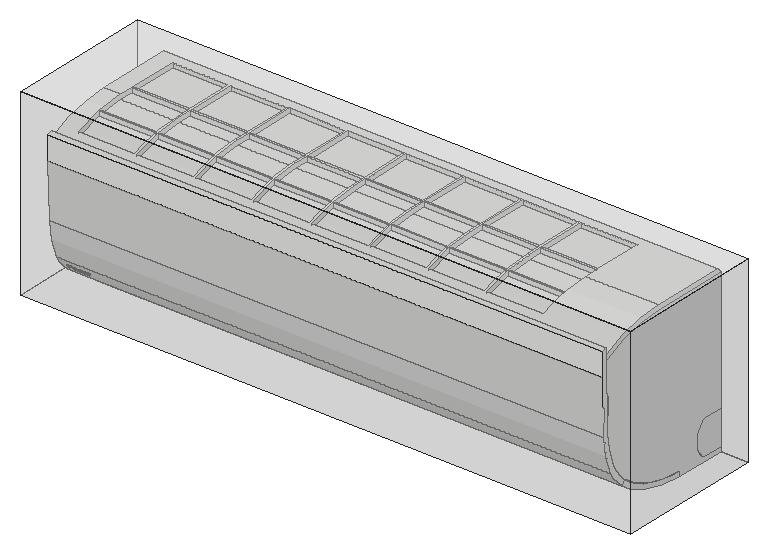
Revit family "outputfile", category 機械設備, Revit 2024
Family settings
  丸型コネクタ寸法 = 半径を使用
  パーツ タイプ = 標準
  OmniClass 番号 = 23.75.10.24.21.27.27
  OmniClass タイトル = Split System Air Conditioning Units
  作業面ベース = いいえ
  常に垂直 = はい
  ロード時にボイドで切り取り = いいえ
  注釈の向きを維持 = いいえ
  共有 = いいえ
  部屋計算ポイント = いいえ
Parameters (values of type "FTXF60W2VMA")
  Description = ""
  書き出し IFC クラス(タイプ) = "IfcUnitaryEquipmentType"
  定義済み IFC タイプ(タイプ) = "AIRCONDITIONINGUNIT"
  Cost = 0
  Type Comments = ""
  Keynote = ""
  Type Image = (empty or 0)
  Assembly Code = ""
  w_wall hole = if(Width = 770.0 mm, 48.0 mm, 60.0 mm)  # 60.0 mm
  製造元 = "Daikin"
  モデル = "FTXF60W2VMA"
  switch_frequency = yes
  r_Liquid Pipe Size = Liquid Pipe Size / 2  # 3.2 mm
  r_Gas Pipe Size = Gas Pipe Size / 2  # 6.35 mm
  r_Drain Pipe Size = Drain Pipe Size / 2  # 8.0 mm
  lw_powersupply [instance] = if(Width = 770.0 mm, if(or(Rear Right Connection_refrigerant, Bottom Right Connection_refrigerant), 25.0 mm, if(or(Rear Left Connection_refrigerant, Bottom Left Connection_refrigerant), 745.0 mm, 400.0 mm)), if(Width = 990.0 mm, if(or(Rear Right Connection_refrigerant, Bottom Right Connection_refrigerant), 40.0 mm, if(or(Rear Left Connection_refrigerant, Bottom Left Connection_refrigerant), 920.0 mm, 400.0 mm)), if(or(Rear Right Connection_refrigerant, Bottom Right Connection_refrigerant), 40.0 mm, if(or(Rear Left Connection_refrigerant, Bottom Left Connection_refrigerant), 920.0 mm, 400.0 mm))))  # 400.0 mm
  lw_liquidpipe [instance] = if(Width = 770.0 mm, if(or(Rear Right Connection_refrigerant, Bottom Right Connection_refrigerant), 0.0 mm, if(or(Rear Left Connection_refrigerant, Bottom Left Connection_refrigerant), 664.0 mm, 385.0 mm)), if(Width = 990.0 mm, if(or(Rear Right Connection_refrigerant, Bottom Right Connection_refrigerant), 0.0 mm, if(or(Rear Left Connection_refrigerant, Bottom Left Connection_refrigerant), 664.0 mm + (990.0 mm - 770.0 mm), 475.0 mm)), if(or(Rear Right Connection_refrigerant, Bottom Right Connection_refrigerant), 0.0 mm, if(or(Rear Left Connection_refrigerant, Bottom Left Connection_refrigerant), 664.0 mm + (990.0 mm - 770.0 mm), 475.0 mm))))  # 475.0 mm
  lw_gaspipe [instance] = if(Width = 770.0 mm, if(or(Rear Right Connection_refrigerant, Bottom Right Connection_refrigerant), 0.0 mm, if(or(Rear Left Connection_refrigerant, Bottom Left Connection_refrigerant), 675.0 mm, if(Gas Pipe Size = 12.7 mm, 335.0 mm, 335.0 mm))), if(Width = 990.0 mm, if(or(Rear Right Connection_refrigerant, Bottom Right Connection_refrigerant), 10.0 mm, if(or(Rear Left Connection_refrigerant, Bottom Left Connection_refrigerant), 890.0 mm, if(Gas Pipe Size = 15.9 mm, 400.0 mm, 400.0 mm))), if(or(Rear Right Connection_refrigerant, Bottom Right Connection_refrigerant), 10.0 mm, if(or(Rear Left Connection_refrigerant, Bottom Left Connection_refrigerant), 890.0 mm, if(Gas Pipe Size = 15.9 mm, 400.0 mm, 400.0 mm)))))  # 400.0 mm
  lw_drainpipe [instance] = if(Width = 770.0 mm, if(or(Rear Right Connection_refrigerant, Bottom Right Connection_refrigerant), 0.0 mm, if(or(Rear Left Connection_refrigerant, Bottom Left Connection_refrigerant), 770.0 mm - 48.0 mm - 48.0 mm, 440.0 mm)), if(Width = 990.0 mm, if(or(Rear Right Connection_refrigerant, Bottom Right Connection_refrigerant), 0.0 mm, if(or(Rear Left Connection_refrigerant, Bottom Left Connection_refrigerant), 675.0 mm + (990.0 mm - 770.0 mm), 435.0 mm)), if(or(Rear Right Connection_refrigerant, Bottom Right Connection_refrigerant), 0.0 mm, if(or(Rear Left Connection_refrigerant, Bottom Left Connection_refrigerant), 675.0 mm + (990.0 mm - 770.0 mm), 435.0 mm))))  # 435.0 mm
  l_powersupply_length [instance] = if(Width = 770.0 mm, if(Right Connection_refrigerant, 400.0 mm, if(Left Connection_refrigerant, 770.0 mm - 400.0 mm, if(or(Rear Left Connection_refrigerant, Rear Right Connection_refrigerant), 15.0 mm, 50.0 mm))), if(Width = 990.0 mm, if(Right Connection_refrigerant, 400.0 mm, if(Left Connection_refrigerant, 990.0 mm - 400.0 mm, if(or(Rear Left Connection_refrigerant, Rear Right Connection_refrigerant), 15.0 mm, 50.0 mm))), if(Right Connection_refrigerant, 400.0 mm, if(Left Connection_refrigerant, 990.0 mm - 400.0 mm, if(or(Rear Left Connection_refrigerant, Rear Right Connection_refrigerant), 15.0 mm, 50.0 mm)))))  # 400.0 mm
  l_liquidpipe_length [instance] = if(Width = 770.0 mm, if(Right Connection_refrigerant, 433.0 mm, if(Left Connection_refrigerant, 337.0 mm, if(or(Rear Left Connection_refrigerant, Rear Right Connection_refrigerant), 30.0 mm, 40.0 mm))), if(Width = 990.0 mm, if(Right Connection_refrigerant, 535.0 mm, if(Left Connection_refrigerant, 455.0 mm, if(or(Rear Left Connection_refrigerant, Rear Right Connection_refrigerant), 30.0 mm, 40.0 mm))), if(Right Connection_refrigerant, 535.0 mm, if(Left Connection_refrigerant, 455.0 mm, if(or(Rear Left Connection_refrigerant, Rear Right Connection_refrigerant), 30.0 mm, 40.0 mm)))))  # 535.0 mm
  l_gaspipe_length [instance] = if(Width = 770.0 mm, if(Right Connection_refrigerant, if(Gas Pipe Size = 12.7 mm, 383.0 mm, 383.0 mm), if(Left Connection_refrigerant, if(Gas Pipe Size = 12.7 mm, 770.0 mm - 383.0 mm, 770.0 mm - 383.0 mm), if(or(Rear Left Connection_refrigerant, Rear Right Connection_refrigerant), 40.0 mm, 50.0 mm))), if(Width = 990.0 mm, if(Right Connection_refrigerant, if(Gas Pipe Size = 15.9 mm, 460.0 mm, 460.0 mm), if(Left Connection_refrigerant, if(Gas Pipe Size = 15.9 mm, 990.0 mm - 460.0 mm, 990.0 mm - 460.0 mm), if(or(Rear Left Connection_refrigerant, Rear Right Connection_refrigerant), 40.0 mm, 50.0 mm))), if(Right Connection_refrigerant, if(Gas Pipe Size = 15.9 mm, 460.0 mm, 460.0 mm), if(Left Connection_refrigerant, if(Gas Pipe Size = 15.9 mm, 990.0 mm - 460.0 mm, 990.0 mm - 460.0 mm), if(or(Rear Left Connection_refrigerant, Rear Right Connection_refrigerant), 40.0 mm, 50.0 mm)))))  # 460.0 mm
  l_drainpipe_length [instance] = if(Width = 770.0 mm, if(Right Connection_refrigerant, 488.0 mm, if(Left Connection_refrigerant, 282.0 mm, if(or(Rear Left Connection_refrigerant, Rear Right Connection_refrigerant), 15.0 mm, 20.0 mm))), if(Width = 990.0 mm, if(Right Connection_refrigerant, 495.0 mm, if(Left Connection_refrigerant, 495.0 mm, if(or(Rear Left Connection_refrigerant, Rear Right Connection_refrigerant), 15.0 mm, 20.0 mm))), if(Right Connection_refrigerant, 495.0 mm, if(Left Connection_refrigerant, 495.0 mm, if(or(Rear Left Connection_refrigerant, Rear Right Connection_refrigerant), 15.0 mm, 20.0 mm)))))  # 495.0 mm
  h*** = 0.0 mm  # constant formula
  connector_voltage = Voltage_50Hz  # 230 V
  connector_powerinput = if([Power Input (Cooling)] > [Power Input (Heating)], [Power Input (Cooling)], [Power Input (Heating)])  # 0.000 kW
  connector_phase = Phase_50Hz  # 1
  angle_vertical [instance] = if(or(Bottom Left Connection_refrigerant, Bottom Right Connection_refrigerant), 0.00°, 90.00°)  # 90.00°
  angle_horizontal [instance] = if(Right Connection_refrigerant, 90.00°, if(Left Connection_refrigerant, -90.00°, if(or(Rear Left Connection_refrigerant, Rear Right Connection_refrigerant), 180.00°, 0.00°)))  # 90.00°
  Width = 990.0 mm
  Voltage_comment_50Hz = "220 - 240"
  Voltage_50Hz = 230 V
  Version = "ver.1.0"
  Unit Type = "Wall Mounted"
  Unit Mass Weight = 12.00 kg
  Unit Designation [instance] = ""
  Uniclass2015Version = "Products v1.30"
  Uniclass2015Title = "Split coil room air conditioning units"
  Uniclass2015Code = "Pr_70_65_03_86"
  URL = ""
  Total Heating Capacity [instance] = 0.000 kW
  Total Cooling Capacity [instance] = 0.000 kW
  Sound Pressure Level_M speed (dBA) = 41
  Sound Pressure Level_L speed (dBA) = 35
  Sound Pressure Level_H speed (dBA) = 46
  Sound Power Level_H speed (dB) = 0
  Series = "Single Split_Fan Coil Unit"
  Sensible Cooling Capacity [instance] = 0.000 kW
  Refrigerant Type = "R32"
  Power Input (Heating) = 0.000 kW
  Power Input (Cooling) = 0.000 kW
  Phase_50Hz = 1
  Option Accessory 3 [instance] = ""
  Option Accessory 2 [instance] = ""
  Option Accessory 1 [instance] = ""
  Nominal Heating Capacity = 6.500 kW
  Nominal Cooling Capacity = 6.000 kW
  Minimum Circuit Amps_50Hz = 0.0 A
  Minimum Airflow = 696.00 m³/h
  Median Airflow = 876.00 m³/h
  Maximum Fuse Amps_50Hz = 0.0 A
  Maximum Airflow = 1130.00 m³/h
  Material_Casing = DAIKIN_PureWhite_Casing_indoorunit
  Load Classification = HVAC
  Liquid Pipe Size = 6.4 mm
  Link_Nested Family [instance] = ""
  IfcVersion = ""
  IfcExportType = "AIRCONDITIONINGUNIT"
  IfcExportAs = "IfcUnitaryEquipmentType"
  Height = 295.0 mm
  Heating Entering Wet Bulb Temperature [instance] = 0.00 °C
  Heating Entering Dry Bulb Temperature [instance] = 0.00 °C
  Heating Ambient Wet Bulb Temperature [instance] = 0.00 °C
  Heating Ambient Dry Bulb Temperature [instance] = 0.00 °C
  Heat Exchanger Type = "Cross Fin Coil"
  Gas Pipe Size = 12.7 mm
  Frequency_50Hz = 50 Hz
  Fan Type = "Cross Flow Fan"
  Fan Drive = "Direct Drive"
  FCU Tag No. [instance] = ""
  Drain Pipe Size = 16.0 mm
  Design Supply Airflow [instance] = 0.00 m³/h
  Depth = 263.0 mm
  既定の高さ = 0.0 mm
  Cooling Entering Wet Bulb Temperature [instance] = 0.00 °C
  Cooling Entering Dry Bulb Temperature [instance] = 0.00 °C
  Cooling Ambient Wet Bulb Temperature [instance] = 0.00 °C
  Cooling Ambient Dry Bulb Temperature [instance] = 0.00 °C
  Clearance visibility [instance] = yes
  Clearance Top = 30.0 mm
  Clearance Right = 50.0 mm
  Clearance Rear = 0.0 mm
  Clearance Left = 50.0 mm
  Clearance Front = 0.0 mm
  Clearance Bottom = 0.0 mm
  Bottom Right Connection_refrigerant [instance] = no
  Bottom Left Connection_refrigerant [instance] = no
  Rear Right Connection_refrigerant [instance] = no
  Rear Left Connection_refrigerant [instance] = no
  Right Connection_refrigerant [instance] = yes
  Left Connection_refrigerant [instance] = no
Reference planes
  plane 1 "Back": y = 0
  plane 2: z = 0
  plane 3 "Center (Left/Right)": x = 0
  plane 4 "Center (Front/Back)": y = -131.5
  plane 5 "Front": y = -263
  plane 6 "Left": x = -495
  plane 7 "Right": x = 495
  plane 8 "Top": z = 0
  plane 9 "Bottom": z = -295
  plane 10: x = -545
  plane 11: x = 545
  plane 12: y = 0
  plane 13: y = -263
  plane 14: z = 30
  plane 15: z = -295
  plane 16 "lw_Piping and Wiring intake": x = 435
  plane 17 "lw_gaspipe": x = 35
  plane 18 "lw_liquidpipe": x = -40
  plane 19 "lw_drainpipe": x = 0
  plane 20 "lh_drainpipe": z = -275
  plane 21 "lh_liquidpipe": z = -255
  plane 22 "lh_gaspipe": z = -245
  plane 23 "ld_drainpipe": y = -15
  plane 24 "ld_liquidpipe": y = -30
  plane 25 "ld_gaspipe": y = -40
  plane 26 "lw_powersupply": x = 95
Dimensions and locks
  equal spacing: plane 6 "Left", plane 3 "Center (Left/Right)", plane 7 "Right"
  "Width": plane 6 "Left" to plane 7 "Right"
  equal spacing: plane 5 "Front", plane 4 "Center (Front/Back)", plane 1 "Back"
  "Depth": plane 5 "Front" to plane 1 "Back"
  "Height": plane 8 "Top" to plane 9 "Bottom"
  "Clearance Rear": plane 12 to plane 1 "Back"
  "Clearance Front": plane 13 to plane 5 "Front"
  "Clearance Top": plane 14 to plane 8 "Top"
  "Clearance Bottom": plane 9 "Bottom" to plane 15
  "w_wall hole": plane 16 "lw_Piping and Wiring intake" to plane 7 "Right"
  "lw_gaspipe": plane 17 "lw_gaspipe" to plane 16 "lw_Piping and Wiring intake"
  "lw_liquidpipe": plane 18 "lw_liquidpipe" to plane 16 "lw_Piping and Wiring intake"
  "lw_drainpipe": plane 19 "lw_drainpipe" to plane 16 "lw_Piping and Wiring intake"
  locked: plane 20 "lh_drainpipe" to plane 9 "Bottom" at 20
  locked: plane 21 "lh_liquidpipe" to plane 9 "Bottom" at 40
  locked: plane 22 "lh_gaspipe" to plane 9 "Bottom" at 50
  locked: plane 23 "ld_drainpipe" to plane 1 "Back" at 15
  locked: plane 1 "Back" to plane 24 "ld_liquidpipe" at 30
  locked: plane 1 "Back" to plane 25 "ld_gaspipe" at 40
  "lw_powersupply": plane 26 "lw_powersupply" to plane 7 "Right"
  "Clearance Left": plane 10 to plane 6 "Left"
  "Clearance Right": plane 7 "Right" to plane 11
  aligned and locked: level to plane 2
  aligned and locked: plane 12 to nested 1
  aligned and locked: nested 1 to plane 13
  aligned and locked: plane 10 to nested 1
  aligned and locked: plane 11 to nested 1
  aligned and locked: plane 15 to nested 1
  aligned and locked: plane 14 to nested 1
  aligned and locked: plane 17 "lw_gaspipe" to nested 2
  aligned and locked: nested 2 to plane 25 "ld_gaspipe"
  aligned and locked: plane 18 "lw_liquidpipe" to nested 3
  aligned and locked: nested 3 to plane 24 "ld_liquidpipe"
  aligned and locked: plane 19 "lw_drainpipe" to nested 4
  aligned and locked: nested 4 to plane 23 "ld_drainpipe"
  aligned and locked: nested 5 to plane 23 "ld_drainpipe"
  aligned and locked: plane 26 "lw_powersupply" to nested 5
  aligned and locked: level to plane 8 "Top"
  aligned and locked: plane 3 "Center (Left/Right)" to nested 6
  aligned and locked: plane 1 "Back" to nested 6
  aligned and locked: plane 8 "Top" to nested 6
Nested families
  nested 1: "daikin_clearancespace" at (0, -131.5, -132.381), show <- "Clearance visibility", visible <- "Clearance visibility", Link_Nested Family <- "Link_Nested Family", type "daikin_clearancespace"
    with width 1090.0 mm, show yes, height 325.0 mm, depth 263.0 mm, Link_Nested Family ""
  nested 2: "daikin_connector_rotate3" at (35, -40, -245), angle_vertical <- "angle_vertical", angle_horizontal <- "angle_horizontal", length <- "l_gaspipe_length", radius <- "r_Gas Pipe Size", type "daikin_connector_rotate3"
    with show no, radius 6.35 mm, length 460.0 mm, angle_vertical 90.00°, angle_horizontal 90.00°
  nested 3: "daikin_connector_rotate3" at (-40, -30, -255), angle_vertical <- "angle_vertical", angle_horizontal <- "angle_horizontal", radius <- "r_Liquid Pipe Size", length <- "l_liquidpipe_length", type "daikin_connector_rotate3"
    with show no, radius 3.2 mm, length 535.0 mm, angle_vertical 90.00°, angle_horizontal 90.00°
  nested 4: "daikin_connector_rotate3" at (0, -15, -275), angle_vertical <- "angle_vertical", angle_horizontal <- "angle_horizontal", length <- "l_drainpipe_length", radius <- "r_Drain Pipe Size", type "daikin_connector_rotate3"
    with show no, radius 8.0 mm, length 495.0 mm, angle_vertical 90.00°, angle_horizontal 90.00°
  nested 5: "daikin_connector_rotate3" at (95, -15, -245), angle_vertical <- "angle_vertical", angle_horizontal <- "angle_horizontal", length <- "l_powersupply_length", type "daikin_connector_rotate3"
    with show no, radius 10.0 mm, length 400.0 mm, angle_vertical 90.00°, angle_horizontal 90.00°
  nested 6: "DAIKIN_indoorunit_FTXF-W2VMA" at (-31, 0, 0), type "FTXF-W2VMA"
    with switch_unit1_60-71 yes, switch_unit1_20-50 no, Width 990.0 mm, WALL HOLE-R 60.0 mm, WALL HOLE Size 80.0 mm, Height 295.0 mm
Connectors
  piping at (495, -40, -245), diameter 12.7, driven by "r_Gas Pipe Size"
    settings: on nested 2, index 1, connector inside diameter 609.6 mm, connector length 0.0 mm, flow factor 0, pipe flow 0.00 m³/h, pressure drop 0.0 Pa, fitting loss kfactor 0, connector angle 0.00°, fixture units 0, engagement length 0.0 mm, angle of deflection 0.00°, flow configuration 1, flow direction 2, fitting loss method 0, system type 29, joint type 0, gender type 0, connector reference index -1, connector utility 0, adjustable connector no, is connector primary yes, connector description "Refrigerant Gas Piping"
  piping at (495, -30, -255), diameter 6.4, driven by "r_Liquid Pipe Size"
    settings: on nested 3, index 2, connector inside diameter 609.6 mm, connector length 0.0 mm, flow factor 0, pipe flow 0.00 m³/h, pressure drop 0.0 Pa, fitting loss kfactor 0, connector angle 0.00°, fixture units 0, engagement length 0.0 mm, angle of deflection 0.00°, flow configuration 1, flow direction 1, fitting loss method 0, system type 29, joint type 0, gender type 0, connector reference index -1, connector utility 0, adjustable connector no, is connector primary no, connector description "Refrigerant Liquid Piping"
  piping at (495, -15, -275), diameter 16, driven by "r_Drain Pipe Size"
    settings: on nested 4, index 3, connector inside diameter 609.6 mm, connector length 0.0 mm, flow factor 0, pipe flow 0.00 m³/h, pressure drop 0.0 Pa, fitting loss kfactor 0, connector angle 0.00°, fixture units 0, engagement length 0.0 mm, angle of deflection 0.00°, flow configuration 1, flow direction 2, fitting loss method 4, system type 16, joint type 0, gender type 0, connector reference index -1, connector utility 0, adjustable connector no, is connector primary no, connector description "Condensate Drain Piping"
  electrical at (495, -15, -245), driven by "Load Classification", driven by "connector_powerinput", driven by "connector_voltage", driven by "connector_phase"
    settings: on nested 5, index 4, voltage 230 V, apparent load 0 VA, apparent load phase1 0 VA, apparent load phase2 0 VA, apparent load phase3 0 VA, power factor 1, load classification "HVAC", number of poles 1, system type 30, power factor state 1, is connector primary yes, connector utility no, sub classification motor no, connector description "Power Supply"
Definition of nested family "daikin_clearancespace"
  Parameters (values of type "daikin_clearancespace")
    Description = "daikin_clearancespace"
    width [instance] = 1823.963 mm
    show [instance] = yes
    material = none
    height [instance] = 1359.762 mm
    depth [instance] = 880.0 mm
    Default Elevation = 0.0 mm
    Link_Nested Family [instance] = ""
  Reference planes
    plane 1 "Center (Front/Back)": y = 0
    plane 2 "Center (Elevation)": z = -0.119
    plane 3 "Center (Left/Right)": x = 0
    plane 4: y = 440
    plane 5: y = -440
    plane 6 "Right": x = 911.982
    plane 7 "Left": x = -911.982
    plane 8 "Top": z = 679.762
    plane 9 "Bottom": z = -680
  Forms (mm)
    Extrusion 1, solid, material <- "material", visible <- "show"
      sketch origin (0, 0, 0) x (1, 0, 0) y (0, 1, 0)
        loop
          line (-911.982, 440) -> (-911.982, -440) -> (911.982, -440) -> (911.982, 440) -> (-911.982, 440)
      from -680 to 679.762
  Lines and regions (mm)
    symbolic lines, visible <- "show"
      curve 1: line (911.982, 440, 0) -> (-911.982, 440, 0)
      curve 2: line (-911.982, 440, 0) -> (-911.982, -440, 0)
      curve 3: line (-911.982, -440, 0) -> (911.982, -440, 0)
      curve 4: line (911.982, -440, 0) -> (911.982, 440, 0)
      curve 5: line (911.982, 0, 679.762) -> (-911.982, 0, 679.762)
      curve 6: line (911.982, 0, -680) -> (911.982, 0, 679.762)
      curve 7: line (-911.982, 0, -680) -> (911.982, 0, -680)
      curve 8: line (-911.982, 0, 679.762) -> (-911.982, 0, -680)
      curve 9: line (0, 440, 679.762) -> (0, -440, 679.762)
      curve 10: line (0, -440, 679.762) -> (0, -440, -680)
      curve 11: line (0, 440, -680) -> (0, 440, 679.762)
      curve 12: line (0, -440, -680) -> (0, 440, -680)
  Dimensions and locks
    "width": plane 7 "Left" to plane 6 "Right"
    "depth": plane 4 to plane 5
    "height": plane 8 "Top" to plane 9 "Bottom"
    equal spacing: plane 7 "Left", plane 3 "Center (Left/Right)", plane 6 "Right"
    equal spacing: plane 4, plane 1 "Center (Front/Back)", plane 5
    equal spacing: plane 8 "Top", plane 2 "Center (Elevation)", plane 9 "Bottom"
    aligned and locked: level to plane 2 "Center (Elevation)"
    aligned and locked: Extrusion 1 sketch curve to plane 4
    aligned and locked: plane 7 "Left" to Extrusion 1 sketch curve
    aligned and locked: Extrusion 1 sketch curve to plane 5
    aligned and locked: Extrusion 1 sketch curve to plane 6 "Right"
    aligned and locked: plane 8 "Top" to Extrusion 1
    aligned and locked: curve 1 to Extrusion 1
    aligned and locked: curve 2 to Extrusion 1
    aligned and locked: curve 3 to Extrusion 1
    aligned and locked: curve 4 to Extrusion 1
    aligned and locked: curve 5 to Extrusion 1
    aligned and locked: curve 6 to Extrusion 1
    aligned and locked: curve 7 to Extrusion 1
    aligned and locked: curve 8 to Extrusion 1
    aligned and locked: curve 9 to Extrusion 1
    aligned and locked: curve 10 to Extrusion 1
    aligned and locked: curve 11 to Extrusion 1
    aligned and locked: curve 12 to Extrusion 1
    aligned and locked: Extrusion 1 to plane 9 "Bottom"
Definition of nested family "DAIKIN_indoorunit_FTXF-W2VMA"
  Parameters (values of type "FTKF-TVMA")
    switch_unit1_60-71 = Width = 990.0 mm  # no
    switch_unit1_20-50 = Width = 770.0 mm  # yes
    Width = 770.0 mm
    WALL HOLE-R = if(Width = 770.0 mm, 48.0 mm, 60.0 mm)  # 48.0 mm
    WALL HOLE Size = if(Width = 770.0 mm, 65.0 mm, 80.0 mm)  # 65.0 mm
    Material_Casing = none
    Height = if(Width = 770.0 mm, 285.0 mm, 295.0 mm)  # 285.0 mm
    Default Elevation = 0.0 mm
  Reference planes
    plane 1 "Center (Front/Back)": y = 0
    plane 2 "reference_level": z = 0
    plane 3 "Center (Left/Right)": x = 31
    plane 4: x = -354
    plane 5: x = 416
    plane 6: z = -285
  Forms (mm)
    Extrusion 1, solid, material <- "Material_Casing", visible <- "switch_unit1_20-50"
      sketch origin (29, 0, 0) x (0, 1, 0) y (0, 0, 1)
        loop
          line (-5, 0) -> (-98, 0)
          arc (-98, 0) -> (-157.611, -7.211) -> (-213.783, -28.427) r 250
          arc (-213.783, -28.427) -> (-213.842, -32.972) -> (-213.892, -37.516) r 2191
          arc (-213.892, -37.516) -> (-157.832, -15.495) -> (-98.07, -8) r 242
          line (-98.07, -8) -> (0, -8) -> (-5, 0)
      from -383 to 387
    Extrusion 2, solid, material <- "Material_Casing", visible <- "switch_unit1_20-50"
      sketch origin (416, 1296.25, 1200) x (0, 1, 0) y (0, 0, 1)
        loop
          line (-1472.998, -1446.91) -> (-1476.998, -1453.839)
          arc (-1476.998, -1453.839) -> (-1437.481, -1472.422) -> (-1395.25, -1483.538) r 240
          line (-1395.25, -1483.538) -> (-1395.25, -1475.422)
          arc (-1395.25, -1475.422) -> (-1435.407, -1464.663) -> (-1472.998, -1446.91) r 232
      from 0 to -47.5
    Extrusion 3, solid, material <- "Material_Casing", visible <- "switch_unit1_20-50"
      sketch origin (29, 0, 0) x (0, 1, 0) y (0, 0, 1)
        loop
          arc (-223, -60.455) -> (-222.414, -110.646) -> (-220.656, -160.81) r 2149.92
          arc (-220.656, -160.81) -> (-219.65, -174.299) -> (-217.853, -187.706) r 229.911
          arc (-217.853, -187.706) -> (-205.371, -223.594) -> (-181.517, -253.17) r 111
          line (-181.517, -253.17) -> (-177.429, -246.093)
          arc (-177.429, -246.093) -> (-198.77, -218.989) -> (-209.965, -186.36) r 103
          arc (-209.965, -186.36) -> (-211.681, -173.586) -> (-212.651, -160.735) r 221.844
          arc (-212.651, -160.735) -> (-214.739, -93.233) -> (-214.74, -25.699) r 2186.828
          arc (-214.74, -25.699) -> (-214.671, -21.467) -> (-214.594, -17.235) r 2192
          line (-214.594, -17.235) -> (-223, -19.961) -> (-223, -60.455)
      from -383 to 387
    Extrusion 4, solid, material <- "Material_Casing", visible <- "switch_unit1_20-50"
      sketch origin (29, 0, -20) x (0, 1, 0) y (0, 0, 1)
        loop
          line (0, -265) -> (0, 12) -> (-98.07, 12)
          arc (-98.07, 12) -> (-157.832, 4.505) -> (-213.892, -17.516) r 242
          arc (-213.892, -17.516) -> (-213.638, -79.114) -> (-211.653, -140.681) r 2191
          arc (-211.653, -140.681) -> (-210.685, -153.501) -> (-208.973, -166.243) r 221
          arc (-208.973, -166.243) -> (-197.471, -199.282) -> (-175.482, -226.491) r 102
          arc (-175.482, -226.491) -> (-138.004, -244.019) -> (-98, -254.579) r 231
          line (-98, -254.579) -> (-98, -265) -> (0, -265)
      from -383 to 387
    Extrusion 5, solid, material <- "Material_Casing", visible <- "switch_unit1_20-50"
      sketch origin (-354, 1296.25, 1200) x (0, 1, 0) y (0, 0, 1)
        loop
          line (-1472.998, -1446.91) -> (-1476.998, -1453.839)
          arc (-1476.998, -1453.839) -> (-1437.481, -1472.422) -> (-1395.25, -1483.538) r 240
          line (-1395.25, -1483.538) -> (-1395.25, -1475.422)
          arc (-1395.25, -1475.422) -> (-1435.407, -1464.663) -> (-1472.998, -1446.91) r 232
      from 47 to 0
    Extrusion 6, solid, material <- "Material_Casing", visible <- "switch_unit1_20-50"
      sketch origin (416, 1296.25, 1200) x (0, 1, 0) y (0, 0, 1)
        loop
          line (-1472.998, -1446.91) -> (-1476.998, -1453.839)
          arc (-1476.998, -1453.839) -> (-1443.437, -1470.168) -> (-1407.75, -1481.097) r 240
          line (-1407.75, -1481.097) -> (-1407.75, -1472.894)
          arc (-1407.75, -1472.894) -> (-1441.363, -1462.385) -> (-1472.998, -1446.91) r 232
      from -116.993 to -48.493
    Extrusion 7, solid, material <- "Material_Casing", visible <- "switch_unit1_20-50"
      sketch origin (416, 1296.25, 1200) x (0, 1, 0) y (0, 0, 1)
        loop
          line (-1472.998, -1446.91) -> (-1476.998, -1453.839)
          arc (-1476.998, -1453.839) -> (-1443.437, -1470.168) -> (-1407.75, -1481.097) r 240
          line (-1407.75, -1481.097) -> (-1407.75, -1472.894)
          arc (-1407.75, -1472.894) -> (-1441.363, -1462.385) -> (-1472.998, -1446.91) r 232
      from -717 to -121.993
    Extrusion 8, void
      sketch origin (31, 0, -235) x (1, 0, 0) y (0, 1, 0)
        loop
          line (-252.674, -22.316) -> (-354.941, -22.316) -> (-354.941, -91.341) -> (-252.674, -91.341) -> (-252.674, -22.316)
        loop
          line (-249.341, -91.341) -> (-151.574, -91.341) -> (-151.574, -22.316) -> (-249.341, -22.316) -> (-249.341, -91.341)
        loop
          line (58.309, -22.316) -> (-148.309, -22.316) -> (-148.309, -91.341) -> (58.309, -91.341) -> (58.309, -22.316)
        loop
          line (61.689, -22.316) -> (61.689, -91.341) -> (159.457, -91.341) -> (159.457, -22.316) -> (61.689, -22.316)
        loop
          line (162.789, -22.316) -> (162.789, -91.341) -> (265.057, -91.341) -> (265.057, -22.316) -> (162.789, -22.316)
        loop
          line (-354.941, -94.659) -> (-354.941, -165.259) -> (-252.674, -165.259) -> (-252.674, -94.659) -> (-354.941, -94.659)
        loop
          line (-249.341, -94.659) -> (-249.341, -165.259) -> (-151.574, -165.259) -> (-151.574, -94.659) -> (-249.341, -94.659)
        loop
          line (-148.309, -94.659) -> (-148.309, -165.259) -> (58.309, -165.259) -> (58.309, -94.659) -> (-148.309, -94.659)
        loop
          line (61.689, -94.659) -> (61.689, -165.259) -> (159.457, -165.259) -> (159.457, -94.659) -> (61.689, -94.659)
        loop
          line (162.789, -94.659) -> (162.789, -165.259) -> (265.057, -165.259) -> (265.057, -94.659) -> (162.789, -94.659)
        loop
          line (-354.941, -167.382) -> (-354.941, -192.681) -> (-252.674, -192.681) -> (-252.674, -167.382) -> (-354.941, -167.382)
        loop
          line (-249.341, -167.382) -> (-249.341, -192.681) -> (-151.574, -192.681) -> (-151.574, -167.382) -> (-249.341, -167.382)
        loop
          line (-148.309, -167.382) -> (-148.309, -192.681) -> (58.309, -192.681) -> (58.309, -167.382) -> (-148.309, -167.382)
        loop
          line (159.457, -167.382) -> (61.689, -167.382) -> (61.689, -192.681) -> (159.457, -192.681) -> (159.457, -167.382)
        loop
          line (265.057, -167.382) -> (162.789, -167.382) -> (162.789, -192.681) -> (265.057, -192.681) -> (265.057, -167.382)
      from 201.638 to 250
    Extrusion 9, solid, material <- "Material_Casing"
      sketch origin (31, 0, 0) x (1, 0, 0) y (0, 0, 1)
        loop
          circle (337, -240.5) r 32.5
        loop
          circle (-337, -240.5) r 32.5
      from 0 to 5
    Extrusion 10, solid, material <- "Material_Casing", visible <- "switch_unit1_20-50"
      sketch origin (416, 1296.25, 1200) x (0, -1, 0) y (0, 0, 1)
        loop
          line (1326.25, -1417) -> (1296.25, -1417) -> (1296.25, -1477) -> (1326.25, -1477)
          arc (1326.25, -1477) -> (1340.393, -1471.142) -> (1346.25, -1457) r 20
          line (1346.25, -1457) -> (1346.25, -1437)
          arc (1346.25, -1437) -> (1340.393, -1422.858) -> (1326.25, -1417) r 20
      from 0 to 5
    Extrusion 11, solid, material <- "Material_Casing", visible <- "switch_unit1_20-50"
      sketch origin (-354, 1296.25, 1200) x (0, 1, 0) y (0, 0, 1)
        loop
          line (-1296.25, -1417) -> (-1326.25, -1417)
          arc (-1326.25, -1417) -> (-1340.393, -1422.858) -> (-1346.25, -1437) r 20
          line (-1346.25, -1437) -> (-1346.25, -1457)
          arc (-1346.25, -1457) -> (-1340.393, -1471.142) -> (-1326.25, -1477) r 20
          line (-1326.25, -1477) -> (-1296.25, -1477) -> (-1296.25, -1417)
      from 0 to 5
    Extrusion 12, solid, material <- "Material_Casing", visible <- "switch_unit1_20-50"
      sketch origin (31, 0, -285) x (-1, 0, 0) y (0, -1, 0)
        loop
          line (-314, 0) -> (-314, 30)
          arc (-314, 30) -> (-319.858, 44.142) -> (-334, 50) r 20
          line (-334, 50) -> (-354, 50)
          arc (-354, 50) -> (-368.142, 44.142) -> (-374, 30) r 20
          line (-374, 30) -> (-374, 0) -> (-314, 0)
        loop
          line (374, 0) -> (374, 30)
          arc (374, 30) -> (368.142, 44.142) -> (354, 50) r 20
          line (354, 50) -> (334, 50)
          arc (334, 50) -> (319.858, 44.142) -> (314, 30) r 20
          line (314, 30) -> (314, 0) -> (374, 0)
      from 0 to 5
    Extrusion 13, solid, material <- "Material_Casing", visible <- "switch_unit1_60-71"
      sketch origin (31, 0, 0) x (0, 1, 0) y (0, 0, 1)
        loop
          line (-5, 0) -> (-138, 0)
          arc (-138, 0) -> (-197.611, -7.211) -> (-253.783, -28.427) r 250
          arc (-253.783, -28.427) -> (-253.838, -32.687) -> (-253.886, -36.946) r 2191
          arc (-253.886, -36.946) -> (-197.73, -15.346) -> (-138.014, -8) r 246.393
          line (-138.014, -8) -> (0, -8) -> (-5, 0)
      from -495 to 495
    Extrusion 14, solid, material <- "Material_Casing", visible <- "switch_unit1_60-71"
      sketch origin (418, 1296.25, 1200) x (0, 1, 0) y (0, 0, 1)
        loop
          arc (-1515.208, -1454.149) -> (-1506.856, -1460.599) -> (-1497.925, -1466.219) r 110
          arc (-1497.925, -1466.219) -> (-1445.718, -1487.493) -> (-1389.844, -1494.995) r 223
          line (-1389.844, -1494.995) -> (-1389.844, -1486.086) -> (-1404.386, -1486.086)
          arc (-1404.386, -1486.086) -> (-1449.542, -1477.46) -> (-1491.818, -1459.402) r 214.289
          arc (-1491.818, -1459.402) -> (-1501.056, -1453.541) -> (-1509.606, -1446.715) r 101
          line (-1509.606, -1446.715) -> (-1515.208, -1454.149)
      from 108 to 57.5
    Extrusion 15, solid, material <- "Material_Casing", visible <- "switch_unit1_60-71"
      sketch origin (31, 0, 0) x (0, 1, 0) y (0, 0, 1)
        loop
          line (-263, -19.962) -> (-263, -61.6)
          arc (-263, -61.6) -> (-262.414, -110.219) -> (-260.656, -158.81) r 2017.341
          arc (-260.656, -158.81) -> (-255.648, -191.935) -> (-244.041, -223.362) r 164.725
          arc (-244.041, -223.362) -> (-233.569, -239.793) -> (-219.717, -253.495) r 87.379
          line (-219.717, -253.495) -> (-214.706, -246.846)
          arc (-214.706, -246.846) -> (-229.564, -230.029) -> (-240.385, -210.371) r 102
          arc (-240.385, -210.371) -> (-249.049, -182.962) -> (-252.848, -154.467) r 165.789
          arc (-252.848, -154.467) -> (-254.771, -90.102) -> (-254.74, -25.708) r 2122.533
          arc (-254.74, -25.708) -> (-254.671, -21.469) -> (-254.594, -17.23) r 2192
          line (-254.594, -17.23) -> (-263, -19.962)
      from -495 to 495
    Extrusion 16, void
      sketch origin (33, 0, 0) x (1, 0, 0) y (0, 1, 0)
        loop
          line (-466.909, -22.316) -> (-466.909, -111.341) -> (-366.303, -111.341) -> (-366.303, -22.316) -> (-466.909, -22.316)
        loop
          line (-362.71, -22.316) -> (-362.71, -111.341) -> (-262.103, -111.341) -> (-262.103, -22.316) -> (-362.71, -22.316)
        loop
          line (-258.51, -22.316) -> (-258.51, -111.341) -> (-157.904, -111.341) -> (-157.904, -22.316) -> (-258.51, -22.316)
        loop
          line (-154.31, -22.316) -> (-154.31, -111.341) -> (-53.704, -111.341) -> (-53.704, -22.316) -> (-154.31, -22.316)
        loop
          line (-50.11, -22.316) -> (-50.11, -111.341) -> (50.496, -111.341) -> (50.496, -22.316) -> (-50.11, -22.316)
        loop
          line (54.089, -22.316) -> (54.089, -111.341) -> (154.696, -111.341) -> (154.696, -22.316) -> (54.089, -22.316)
        loop
          line (158.289, -22.316) -> (158.289, -111.341) -> (258.895, -111.341) -> (258.895, -22.316) -> (158.289, -22.316)
        loop
          line (262.489, -22.316) -> (262.489, -111.341) -> (363.095, -111.341) -> (363.095, -22.316) -> (262.489, -22.316)
        loop
          line (-466.909, -114.459) -> (-466.909, -185.059) -> (-366.303, -185.059) -> (-366.303, -114.459) -> (-466.909, -114.459)
        loop
          line (-362.71, -114.459) -> (-362.71, -185.059) -> (-262.103, -185.059) -> (-262.103, -114.459) -> (-362.71, -114.459)
        loop
          line (-258.51, -114.459) -> (-258.51, -185.059) -> (-157.904, -185.059) -> (-157.904, -114.459) -> (-258.51, -114.459)
        loop
          line (-154.31, -114.459) -> (-154.31, -185.059) -> (-53.704, -185.059) -> (-53.704, -114.459) -> (-154.31, -114.459)
        loop
          line (-50.11, -114.459) -> (-50.11, -185.059) -> (50.496, -185.059) -> (50.496, -114.459) -> (-50.11, -114.459)
        loop
          line (54.089, -114.459) -> (54.089, -185.059) -> (154.696, -185.059) -> (154.696, -114.459) -> (54.089, -114.459)
        loop
          line (158.289, -114.459) -> (158.289, -185.059) -> (258.895, -185.059) -> (258.895, -114.459) -> (158.289, -114.459)
        loop
          line (262.489, -114.459) -> (262.489, -185.059) -> (363.095, -185.059) -> (363.095, -114.459) -> (262.489, -114.459)
        loop
          line (-466.909, -187.382) -> (-466.909, -232.681) -> (-366.303, -232.681) -> (-366.303, -187.382) -> (-466.909, -187.382)
        loop
          line (-362.71, -187.382) -> (-362.71, -232.681) -> (-262.103, -232.681) -> (-262.103, -187.382) -> (-362.71, -187.382)
        loop
          line (-258.51, -187.382) -> (-258.51, -232.681) -> (-157.904, -232.681) -> (-157.904, -187.382) -> (-258.51, -187.382)
        loop
          line (-154.31, -187.382) -> (-154.31, -232.681) -> (-53.704, -232.681) -> (-53.704, -187.382) -> (-154.31, -187.382)
        loop
          line (-50.11, -187.382) -> (-50.11, -232.681) -> (50.496, -232.681) -> (50.496, -187.382) -> (-50.11, -187.382)
        loop
          line (54.089, -187.382) -> (54.089, -232.681) -> (154.696, -232.681) -> (154.696, -187.382) -> (54.089, -187.382)
        loop
          line (158.289, -187.382) -> (158.289, -232.681) -> (258.895, -232.681) -> (258.895, -187.382) -> (158.289, -187.382)
        loop
          line (262.489, -187.382) -> (262.489, -232.681) -> (363.095, -232.681) -> (363.095, -187.382) -> (262.489, -187.382)
      from -40.013 to 47.268
    Extrusion 17, solid, material <- "Material_Casing", visible <- "switch_unit1_60-71"
      sketch origin (-356, 1296.25, 1200) x (0, 1, 0) y (0, 0, -1)
        loop
          line (-1515.208, 1454.149) -> (-1509.606, 1446.715)
          arc (-1509.606, 1446.715) -> (-1501.056, 1453.541) -> (-1491.818, 1459.402) r 101
          arc (-1491.818, 1459.402) -> (-1449.542, 1477.46) -> (-1404.386, 1486.086) r 214.289
          line (-1404.386, 1486.086) -> (-1389.844, 1486.086) -> (-1389.844, 1494.995)
          arc (-1389.844, 1494.995) -> (-1445.718, 1487.493) -> (-1497.925, 1466.219) r 223
          arc (-1497.925, 1466.219) -> (-1506.856, 1460.599) -> (-1515.208, 1454.149) r 110
      from 108 to 61
    Extrusion 18, solid, material <- "Material_Casing", visible <- "switch_unit1_60-71"
      sketch origin (418, 1296.25, 1200) x (0, 1, 0) y (0, 0, 1)
        loop
          arc (-1515.208, -1454.149) -> (-1506.856, -1460.599) -> (-1497.925, -1466.219) r 110
          arc (-1497.925, -1466.219) -> (-1463.185, -1482.066) -> (-1426.25, -1491.755) r 223
          line (-1426.25, -1491.755) -> (-1426.25, -1483.166)
          arc (-1426.25, -1483.166) -> (-1460.008, -1473.969) -> (-1491.818, -1459.402) r 214.289
          arc (-1491.818, -1459.402) -> (-1501.056, -1453.541) -> (-1509.606, -1446.715) r 101
          line (-1509.606, -1446.715) -> (-1515.208, -1454.149)
      from 56.5 to -36.993
    Extrusion 19, solid, material <- "Material_Casing", visible <- "switch_unit1_60-71"
      sketch origin (418, 1296.25, 1200) x (0, 1, 0) y (0, 0, 1)
        loop
          arc (-1426.25, -1483.166) -> (-1443.442, -1479.224) -> (-1460.25, -1473.881) r 214.289
          line (-1460.25, -1473.881) -> (-1460.25, -1483.089)
          arc (-1460.25, -1483.089) -> (-1443.421, -1488.091) -> (-1426.25, -1491.755) r 223
          line (-1426.25, -1491.755) -> (-1426.25, -1483.166)
      from -43.493 to -828.893
    Extrusion 20, solid, material <- "Material_Casing", visible <- "switch_unit1_60-71"
      sketch origin (418, 1296.25, 1200) x (0, 1, 0) y (0, 0, 1)
        loop
          arc (-1515.208, -1454.149) -> (-1506.856, -1460.599) -> (-1497.925, -1466.219) r 110
          arc (-1497.925, -1466.219) -> (-1479.479, -1475.527) -> (-1460.25, -1483.089) r 223
          line (-1460.25, -1483.089) -> (-1460.25, -1473.881)
          arc (-1460.25, -1473.881) -> (-1476.328, -1467.282) -> (-1491.818, -1459.402) r 214.289
          arc (-1491.818, -1459.402) -> (-1501.056, -1453.541) -> (-1509.606, -1446.715) r 101
          line (-1509.606, -1446.715) -> (-1515.208, -1454.149)
      from -43.493 to -828.893
    Extrusion 21, solid, material <- "Material_Casing", visible <- "switch_unit1_60-71"
      sketch origin (31, 0, -30) x (0, 1, 0) y (0, 0, 1)
        loop
          line (0, 22) -> (-138.014, 22)
          arc (-138.014, 22) -> (-197.73, 14.654) -> (-253.886, -6.946) r 246.393
          arc (-253.886, -6.946) -> (-253.682, -65.635) -> (-251.855, -124.295) r 2120.935
          arc (-251.855, -124.295) -> (-248.086, -152.682) -> (-239.461, -179.988) r 164.789
          arc (-239.461, -179.988) -> (-228.903, -199.231) -> (-214.437, -215.738) r 101
          line (-214.437, -215.738) -> (-212.406, -216.221)
          arc (-212.406, -216.221) -> (-204.07, -222.837) -> (-195.079, -228.53) r 100
          arc (-195.079, -228.53) -> (-145.557, -248.629) -> (-92.593, -255.785) r 213.289
          line (-92.593, -255.785) -> (-92.593, -265) -> (0, -265) -> (0, 22)
      from -495 to 495
    Extrusion 22, solid, material <- "Material_Casing", visible <- "switch_unit1_60-71"
      sketch origin (526, 1296.25, 1200) x (0, -1, 0) y (0, 0, 1)
        loop
          line (1326.25, -1427.035) -> (1296.25, -1427.035) -> (1296.25, -1487.035) -> (1326.25, -1487.035)
          arc (1326.25, -1487.035) -> (1340.393, -1481.177) -> (1346.25, -1467.035) r 20
          line (1346.25, -1467.035) -> (1346.25, -1447.035)
          arc (1346.25, -1447.035) -> (1340.393, -1432.892) -> (1326.25, -1427.035) r 20
      from 0 to 5
    Extrusion 23, solid, material <- "Material_Casing", visible <- "switch_unit1_60-71"
      sketch origin (-459, 1296.25, 1200) x (0, -1, 0) y (0, 0, 1)
        loop
          line (1326.25, -1427.035) -> (1296.25, -1427.035) -> (1296.25, -1487.035) -> (1326.25, -1487.035)
          arc (1326.25, -1487.035) -> (1340.393, -1481.177) -> (1346.25, -1467.035) r 20
          line (1346.25, -1467.035) -> (1346.25, -1447.035)
          arc (1346.25, -1447.035) -> (1340.393, -1432.892) -> (1326.25, -1427.035) r 20
      from 0 to 5
    Extrusion 24, solid, material <- "Material_Casing", visible <- "switch_unit1_60-71"
      sketch origin (31, 200, -295) x (-1, 0, 0) y (0, -1, 0)
        loop
          line (469, 200) -> (469, 230)
          arc (469, 230) -> (463.142, 244.142) -> (449, 250) r 20
          line (449, 250) -> (429, 250)
          arc (429, 250) -> (414.858, 244.142) -> (409, 230) r 20
          line (409, 230) -> (409, 200) -> (469, 200)
        loop
          line (-469, 200) -> (-409, 200) -> (-409, 230)
          arc (-409, 230) -> (-414.858, 244.142) -> (-429, 250) r 20
          line (-429, 250) -> (-449, 250)
          arc (-449, 250) -> (-463.142, 244.142) -> (-469, 230) r 20
          line (-469, 230) -> (-469, 200)
      from 0 to 5
  Cuts and joins
    Extrusion 8 cuts Extrusion 1
    Extrusion 16 cuts Extrusion 13
  Lines and regions (mm)
    reference lines
      curve 1: line (-523, -201.911, -229.404) -> (-523, -193.542, -239.977)
      curve 2: line (-523, -240.779, -229.404) -> (-523, -232.411, -239.977)
  Dimensions and locks
    locked: Extrusion 10 sketch curve to Extrusion 10 sketch curve at 60
    locked: Extrusion 10 sketch curve to Extrusion 10 sketch curve at 50
    locked: Extrusion 12 sketch curve to Extrusion 12 sketch curve at 60  (x2)
    locked: Extrusion 12 sketch curve to Extrusion 12 sketch curve at 50
    equal spacing: plane 5, plane 3 "Center (Left/Right)", plane 4
    "Width": plane 5 to plane 4
    locked: Extrusion 9 sketch curve to plane 4 at 48
    "WALL HOLE-R": plane 5 to Extrusion 9 sketch curve
    "Height": plane 2 "reference_level" to plane 6
    locked: Extrusion 9 sketch curve to plane 6 at 44.5  (x2)
    locked: Extrusion 15 to nested 2 at 15
    locked: Extrusion 22 sketch curve to Extrusion 22 sketch curve at 60
    locked: Extrusion 22 sketch curve to Extrusion 22 sketch curve at 50
    locked: Extrusion 23 sketch curve to Extrusion 23 sketch curve at 60
    locked: Extrusion 23 sketch curve to Extrusion 23 sketch curve at 50
    locked: Extrusion 24 sketch curve to Extrusion 24 sketch curve at 60  (x2)
    locked: Extrusion 24 sketch curve to Extrusion 24 sketch curve at 50  (x2)
    "WALL HOLE Size": diameter of Extrusion 9 sketch curve  (x2)
    aligned and locked: level to plane 2 "reference_level"
    aligned and locked: nested 1 to curve 1
    aligned and locked: Extrusion 11 sketch curve to Extrusion 10  (x4)
    aligned and locked: Extrusion 12 sketch curve to Extrusion 12 sketch curve  (x2)
    aligned and locked: Extrusion 9 to plane 1 "Center (Front/Back)"
    aligned and locked: nested 2 to curve 2
  Automatic sketch dimensions
    curve 1 to level = 239.977 mm
    plane 1 "Center (Front/Back)" to curve 1 = 193.542 mm
    curve 2 to curve 1 = 0.0 mm
    curve 2 to curve 2 = 10.573 mm
    curve 1 to curve 1 = 10.573 mm
    curve 1 to curve 1 = 8.368 mm
    curve 1 to curve 2 = 30.5 mm
    curve 2 to curve 2 = 8.368 mm
    Extrusion 1 sketch curve to level = 0.0 mm
    Extrusion 1 sketch curve to plane 1 "Center (Front/Back)" = 0.0 mm
    plane 1 "Center (Front/Back)" to Extrusion 1 sketch curve = 5.0 mm
    plane 1 "Center (Front/Back)" to Extrusion 1 sketch curve = 98.0 mm
    Extrusion 1 sketch curve to Extrusion 1 sketch curve = 0.07 mm
    Extrusion 1 sketch curve to level = 59.292 mm
    Extrusion 1 sketch curve to plane 1 "Center (Front/Back)" = 1977.0 mm
    Extrusion 1 sketch curve to level = 250.0 mm
    Extrusion 1 sketch curve to Extrusion 1 sketch curve = 0.0 mm
    Extrusion 1 sketch curve to level = 8.0 mm
    Extrusion 1 sketch curve to level = 28.427 mm
    plane 1 "Center (Front/Back)" to Extrusion 2 sketch curve = 180.748 mm
    Extrusion 2 sketch curve to Extrusion 2 sketch curve = 4.0 mm
    Extrusion 2 sketch curve to Extrusion 2 sketch curve = 77.747 mm
    plane 1 "Center (Front/Back)" to Extrusion 2 sketch curve = 59.279 mm
    Extrusion 2 sketch curve to Extrusion 2 sketch curve = 0.0 mm
    Extrusion 2 sketch curve to level = 283.538 mm
    Extrusion 2 sketch curve to Extrusion 2 sketch curve = 8.116 mm
    Extrusion 2 sketch curve to Extrusion 2 sketch curve = 21.583 mm
    Extrusion 2 sketch curve to Extrusion 2 sketch curve = 6.929 mm
    Extrusion 3 sketch curve to level = 19.961 mm
    plane 1 "Center (Front/Back)" to Extrusion 3 sketch curve = 223.0 mm
    Extrusion 3 sketch curve to level = 17.235 mm
    Extrusion 3 sketch curve to Extrusion 3 sketch curve = 8.406 mm
    plane 1 "Center (Front/Back)" to Extrusion 3 sketch curve = 181.517 mm
    Extrusion 3 sketch curve to Extrusion 3 sketch curve = 4.087 mm
    Extrusion 3 sketch curve to Extrusion 3 sketch curve = 69.11 mm
    Extrusion 3 sketch curve to Extrusion 3 sketch curve = 0.001 mm
    Extrusion 3 sketch curve to plane 1 "Center (Front/Back)" = 8.955 mm
    Extrusion 3 sketch curve to Extrusion 3 sketch curve = 0.067 mm
    Extrusion 3 sketch curve to level = 60.455 mm
    Extrusion 3 sketch curve to Extrusion 3 sketch curve = 1917.898 mm
    Extrusion 3 sketch curve to Extrusion 3 sketch curve = 44.907 mm
    Extrusion 3 sketch curve to Extrusion 3 sketch curve = 5.172 mm
    Extrusion 3 sketch curve to level = 150.456 mm
    Extrusion 3 sketch curve to Extrusion 3 sketch curve = 0.006 mm
    Extrusion 3 sketch curve to Extrusion 3 sketch curve = 19.265 mm
    Extrusion 3 sketch curve to Extrusion 3 sketch curve = 0.004 mm
    Extrusion 3 sketch curve to Extrusion 3 sketch curve = 76.368 mm
    Extrusion 3 sketch curve to Extrusion 3 sketch curve = 7.077 mm
    Extrusion 3 sketch curve to Extrusion 3 sketch curve = 1.002 mm
    Extrusion 3 sketch curve to Extrusion 3 sketch curve = 0.046 mm
    Extrusion 3 sketch curve to Extrusion 3 sketch curve = 8.005 mm
    Extrusion 3 sketch curve to Extrusion 3 sketch curve = 0.147 mm
    Extrusion 3 sketch curve to Extrusion 3 sketch curve = 0.0 mm
    Extrusion 4 sketch curve to plane 1 "Center (Front/Back)" = 0.0 mm
    plane 1 "Center (Front/Back)" to Extrusion 4 sketch curve = 59.278 mm
    Extrusion 4 sketch curve to Extrusion 4 sketch curve = 98.0 mm
    Extrusion 4 sketch curve to Extrusion 4 sketch curve = 0.0 mm  (x3)
    Extrusion 4 sketch curve to level = 8.0 mm
    Extrusion 4 sketch curve to Extrusion 4 sketch curve = 38.791 mm
    Extrusion 4 sketch curve to Extrusion 4 sketch curve = 10.249 mm
    Extrusion 4 sketch curve to plane 1 "Center (Front/Back)" = 9.11 mm
    Extrusion 4 sketch curve to level = 59.292 mm
    Extrusion 4 sketch curve to Extrusion 4 sketch curve = 1967.89 mm
    Extrusion 4 sketch curve to Extrusion 4 sketch curve = 142.454 mm
    Extrusion 4 sketch curve to Extrusion 4 sketch curve = 19.271 mm
    Extrusion 4 sketch curve to Extrusion 4 sketch curve = 80.275 mm
    Extrusion 4 sketch curve to Extrusion 4 sketch curve = 24.579 mm
    Extrusion 4 sketch curve to Extrusion 4 sketch curve = 10.421 mm
    Extrusion 4 sketch curve to level = 46.847 mm
    Extrusion 4 sketch curve to Extrusion 4 sketch curve = 77.412 mm
    Extrusion 4 sketch curve to Extrusion 4 sketch curve = 33.49 mm
    Extrusion 4 sketch curve to Extrusion 4 sketch curve = 2.68 mm
    plane 1 "Center (Front/Back)" to Extrusion 5 sketch curve = 180.748 mm
    Extrusion 5 sketch curve to Extrusion 5 sketch curve = 4.0 mm
    Extrusion 5 sketch curve to Extrusion 5 sketch curve = 77.747 mm
    plane 1 "Center (Front/Back)" to Extrusion 5 sketch curve = 59.279 mm
    Extrusion 5 sketch curve to Extrusion 5 sketch curve = 0.0 mm
    Extrusion 5 sketch curve to level = 283.538 mm
    Extrusion 5 sketch curve to Extrusion 5 sketch curve = 8.116 mm
    Extrusion 5 sketch curve to Extrusion 5 sketch curve = 21.583 mm
    Extrusion 5 sketch curve to Extrusion 5 sketch curve = 6.929 mm
    plane 1 "Center (Front/Back)" to Extrusion 6 sketch curve = 180.748 mm
    Extrusion 6 sketch curve to Extrusion 6 sketch curve = 4.0 mm
    Extrusion 6 sketch curve to Extrusion 6 sketch curve = 65.247 mm
    plane 1 "Center (Front/Back)" to Extrusion 6 sketch curve = 59.279 mm
    Extrusion 6 sketch curve to Extrusion 6 sketch curve = 0.0 mm
    Extrusion 6 sketch curve to level = 281.097 mm
    Extrusion 6 sketch curve to Extrusion 6 sketch curve = 8.203 mm
    Extrusion 6 sketch curve to Extrusion 6 sketch curve = 19.055 mm
    Extrusion 6 sketch curve to Extrusion 6 sketch curve = 6.929 mm
    plane 1 "Center (Front/Back)" to Extrusion 7 sketch curve = 180.748 mm
    Extrusion 7 sketch curve to Extrusion 7 sketch curve = 4.0 mm
    Extrusion 7 sketch curve to Extrusion 7 sketch curve = 65.247 mm
    plane 1 "Center (Front/Back)" to Extrusion 7 sketch curve = 59.279 mm
    Extrusion 7 sketch curve to Extrusion 7 sketch curve = 0.0 mm
    Extrusion 7 sketch curve to level = 281.097 mm
    Extrusion 7 sketch curve to Extrusion 7 sketch curve = 8.203 mm
    Extrusion 7 sketch curve to Extrusion 7 sketch curve = 19.055 mm
    Extrusion 7 sketch curve to Extrusion 7 sketch curve = 6.929 mm
    plane 1 "Center (Front/Back)" to Extrusion 8 sketch curve = 165.259 mm  (x2)
    Extrusion 8 sketch curve to plane 3 "Center (Left/Right)" = 354.941 mm
    plane 1 "Center (Front/Back)" to Extrusion 8 sketch curve = 22.316 mm  (x3)
    Extrusion 8 sketch curve to Extrusion 8 sketch curve = 0.0 mm  (x26)
    Extrusion 8 sketch curve to Extrusion 8 sketch curve = 102.268 mm  (x2)
    Extrusion 8 sketch curve to Extrusion 8 sketch curve = 3.332 mm  (x4)
    Extrusion 8 sketch curve to Extrusion 8 sketch curve = 97.768 mm  (x2)
    Extrusion 8 sketch curve to Extrusion 8 sketch curve = 3.264 mm  (x3)
    plane 3 "Center (Left/Right)" to Extrusion 8 sketch curve = 58.309 mm
    Extrusion 8 sketch curve to Extrusion 8 sketch curve = 3.38 mm  (x3)
    Extrusion 8 sketch curve to Extrusion 8 sketch curve = 2.124 mm  (x6)
    Extrusion 8 sketch curve to Extrusion 8 sketch curve = 25.299 mm  (x2)
    Extrusion 8 sketch curve to Extrusion 8 sketch curve = 70.6 mm
    Extrusion 8 sketch curve to Extrusion 8 sketch curve = 3.317 mm  (x4)
    Extrusion 10 sketch curve to plane 1 "Center (Front/Back)" = 0.0 mm
    Extrusion 10 sketch curve to Extrusion 10 sketch curve = 20.0 mm  (x2)
    Extrusion 10 sketch curve to level = 277.0 mm
    plane 1 "Center (Front/Back)" to Extrusion 12 sketch curve = 0.0 mm
    plane 3 "Center (Left/Right)" to Extrusion 12 sketch curve = 374.0 mm
    Extrusion 12 sketch curve to Extrusion 12 sketch curve = 20.0 mm  (x3)
    plane 1 "Center (Front/Back)" to Extrusion 12 sketch curve = 30.0 mm
    Extrusion 12 sketch curve to plane 3 "Center (Left/Right)" = 314.0 mm
    Extrusion 13 sketch curve to level = 0.0 mm
    Extrusion 13 sketch curve to plane 1 "Center (Front/Back)" = 0.0 mm
    plane 1 "Center (Front/Back)" to Extrusion 13 sketch curve = 5.0 mm
    Extrusion 13 sketch curve to Extrusion 13 sketch curve = 133.0 mm
    Extrusion 13 sketch curve to Extrusion 13 sketch curve = 0.013 mm
    Extrusion 13 sketch curve to level = 59.292 mm
    Extrusion 13 sketch curve to plane 1 "Center (Front/Back)" = 1937.0 mm
    Extrusion 13 sketch curve to Extrusion 13 sketch curve = 250.0 mm
    Extrusion 13 sketch curve to Extrusion 13 sketch curve = 4.393 mm
    Extrusion 13 sketch curve to level = 8.0 mm
    Extrusion 13 sketch curve to level = 28.427 mm
    plane 1 "Center (Front/Back)" to Extrusion 14 sketch curve = 218.957 mm
    Extrusion 14 sketch curve to Extrusion 14 sketch curve = 5.601 mm
    Extrusion 14 sketch curve to Extrusion 14 sketch curve = 65.735 mm
    Extrusion 14 sketch curve to Extrusion 14 sketch curve = 1.462 mm
    plane 1 "Center (Front/Back)" to Extrusion 14 sketch curve = 108.136 mm
    Extrusion 14 sketch curve to Extrusion 14 sketch curve = 14.543 mm
    plane 1 "Center (Front/Back)" to Extrusion 14 sketch curve = 92.093 mm
    Extrusion 14 sketch curve to Extrusion 14 sketch curve = 1.354 mm
    Extrusion 14 sketch curve to level = 294.995 mm
    Extrusion 14 sketch curve to Extrusion 14 sketch curve = 8.909 mm
    Extrusion 14 sketch curve to Extrusion 14 sketch curve = 31.937 mm
    Extrusion 14 sketch curve to Extrusion 14 sketch curve = 7.433 mm
    Extrusion 14 sketch curve to Extrusion 14 sketch curve = 75.403 mm
    Extrusion 14 sketch curve to Extrusion 14 sketch curve = 0.896 mm
    Extrusion 14 sketch curve to level = 72.504 mm
    Extrusion 14 sketch curve to Extrusion 14 sketch curve = 0.504 mm
    Extrusion 15 sketch curve to level = 19.962 mm
    plane 1 "Center (Front/Back)" to Extrusion 15 sketch curve = 263.0 mm
    Extrusion 15 sketch curve to level = 17.23 mm
    Extrusion 15 sketch curve to Extrusion 15 sketch curve = 8.406 mm
    Extrusion 15 sketch curve to Extrusion 15 sketch curve = 43.283 mm
    Extrusion 15 sketch curve to Extrusion 15 sketch curve = 5.011 mm
    Extrusion 15 sketch curve to Extrusion 15 sketch curve = 49.129 mm
    Extrusion 15 sketch curve to Extrusion 15 sketch curve = 19.417 mm
    Extrusion 15 sketch curve to Extrusion 15 sketch curve = 50.037 mm
    Extrusion 15 sketch curve to Extrusion 15 sketch curve = 8.89 mm
    Extrusion 15 sketch curve to level = 61.6 mm
    Extrusion 15 sketch curve to plane 1 "Center (Front/Back)" = 1754.341 mm
    Extrusion 15 sketch curve to level = 58.909 mm
    Extrusion 15 sketch curve to Extrusion 15 sketch curve = 113.192 mm
    Extrusion 15 sketch curve to Extrusion 15 sketch curve = 69.467 mm
    Extrusion 15 sketch curve to level = 146.886 mm
    Extrusion 15 sketch curve to Extrusion 15 sketch curve = 3.987 mm
    Extrusion 15 sketch curve to Extrusion 15 sketch curve = 20.44 mm
    Extrusion 15 sketch curve to Extrusion 15 sketch curve = 13.597 mm
    Extrusion 15 sketch curve to Extrusion 15 sketch curve = 61.936 mm
    Extrusion 15 sketch curve to Extrusion 15 sketch curve = 6.649 mm
    Extrusion 15 sketch curve to level = 59.438 mm
    Extrusion 15 sketch curve to Extrusion 15 sketch curve = 0.0 mm
    Extrusion 15 sketch curve to Extrusion 15 sketch curve = 0.147 mm
    Extrusion 15 sketch curve to Extrusion 15 sketch curve = 7.808 mm
    plane 1 "Center (Front/Back)" to Extrusion 16 sketch curve = 22.316 mm  (x6)
    Extrusion 16 sketch curve to plane 3 "Center (Left/Right)" = 464.909 mm
    Extrusion 16 sketch curve to Extrusion 16 sketch curve = 0.0 mm  (x27)
    Extrusion 16 sketch curve to Extrusion 16 sketch curve = 100.606 mm  (x7)
    Extrusion 16 sketch curve to Extrusion 16 sketch curve = 3.594 mm  (x16)
    Extrusion 16 sketch curve to plane 3 "Center (Left/Right)" = 51.704 mm
    plane 3 "Center (Left/Right)" to Extrusion 16 sketch curve = 52.496 mm  (x2)
    Extrusion 16 sketch curve to Extrusion 16 sketch curve = 89.026 mm  (x6)
    Extrusion 16 sketch curve to Extrusion 16 sketch curve = 3.117 mm  (x8)
    Extrusion 16 sketch curve to Extrusion 16 sketch curve = 70.6 mm  (x7)
    Extrusion 16 sketch curve to Extrusion 16 sketch curve = 2.324 mm  (x8)
    Extrusion 16 sketch curve to Extrusion 16 sketch curve = 45.299 mm  (x7)
    plane 1 "Center (Front/Back)" to Extrusion 17 sketch curve = 218.957 mm
    Extrusion 17 sketch curve to Extrusion 17 sketch curve = 5.601 mm
    Extrusion 17 sketch curve to Extrusion 17 sketch curve = 65.735 mm
    Extrusion 17 sketch curve to Extrusion 17 sketch curve = 1.462 mm
    plane 1 "Center (Front/Back)" to Extrusion 17 sketch curve = 108.136 mm
    Extrusion 17 sketch curve to Extrusion 17 sketch curve = 14.543 mm
    plane 1 "Center (Front/Back)" to Extrusion 17 sketch curve = 92.093 mm
    Extrusion 17 sketch curve to Extrusion 17 sketch curve = 1.354 mm
    Extrusion 17 sketch curve to level = 72.0 mm
    Extrusion 17 sketch curve to Extrusion 17 sketch curve = 0.504 mm
    Extrusion 17 sketch curve to Extrusion 17 sketch curve = 98.416 mm
    Extrusion 17 sketch curve to Extrusion 17 sketch curve = 0.896 mm
    Extrusion 17 sketch curve to Extrusion 17 sketch curve = 76.3 mm
    Extrusion 17 sketch curve to Extrusion 17 sketch curve = 7.433 mm
    Extrusion 17 sketch curve to Extrusion 17 sketch curve = 26.684 mm
    Extrusion 17 sketch curve to Extrusion 17 sketch curve = 8.909 mm
    plane 1 "Center (Front/Back)" to Extrusion 18 sketch curve = 218.957 mm
    Extrusion 18 sketch curve to Extrusion 18 sketch curve = 5.601 mm
    Extrusion 18 sketch curve to Extrusion 18 sketch curve = 65.735 mm
    Extrusion 18 sketch curve to Extrusion 18 sketch curve = 1.462 mm
    Extrusion 18 sketch curve to Extrusion 18 sketch curve = 83.356 mm
    plane 1 "Center (Front/Back)" to Extrusion 18 sketch curve = 92.093 mm
    Extrusion 18 sketch curve to Extrusion 18 sketch curve = 1.354 mm
    Extrusion 18 sketch curve to level = 291.755 mm
    Extrusion 18 sketch curve to Extrusion 18 sketch curve = 8.588 mm
    Extrusion 18 sketch curve to Extrusion 18 sketch curve = 29.018 mm
    Extrusion 18 sketch curve to Extrusion 18 sketch curve = 7.433 mm
    Extrusion 18 sketch curve to Extrusion 18 sketch curve = 75.403 mm
    Extrusion 18 sketch curve to Extrusion 18 sketch curve = 0.896 mm
    Extrusion 18 sketch curve to level = 72.504 mm
    Extrusion 18 sketch curve to Extrusion 18 sketch curve = 0.504 mm
    plane 1 "Center (Front/Back)" to Extrusion 19 sketch curve = 164.0 mm
    Extrusion 19 sketch curve to Extrusion 19 sketch curve = 34.0 mm
    plane 1 "Center (Front/Back)" to Extrusion 19 sketch curve = 92.093 mm
    Extrusion 19 sketch curve to Extrusion 19 sketch curve = 1.354 mm
    Extrusion 19 sketch curve to level = 291.755 mm
    Extrusion 19 sketch curve to Extrusion 19 sketch curve = 8.588 mm
    Extrusion 19 sketch curve to Extrusion 19 sketch curve = 0.077 mm
    Extrusion 19 sketch curve to Extrusion 19 sketch curve = 9.207 mm
    plane 1 "Center (Front/Back)" to Extrusion 20 sketch curve = 218.957 mm
    Extrusion 20 sketch curve to Extrusion 20 sketch curve = 5.601 mm
    Extrusion 20 sketch curve to Extrusion 20 sketch curve = 49.356 mm
    Extrusion 20 sketch curve to Extrusion 20 sketch curve = 65.735 mm
    Extrusion 20 sketch curve to Extrusion 20 sketch curve = 1.462 mm
    plane 1 "Center (Front/Back)" to Extrusion 20 sketch curve = 92.093 mm
    Extrusion 20 sketch curve to Extrusion 20 sketch curve = 1.354 mm
    Extrusion 20 sketch curve to level = 283.089 mm
    Extrusion 20 sketch curve to Extrusion 20 sketch curve = 9.207 mm
    Extrusion 20 sketch curve to Extrusion 20 sketch curve = 19.733 mm
    Extrusion 20 sketch curve to Extrusion 20 sketch curve = 7.433 mm
    Extrusion 20 sketch curve to Extrusion 20 sketch curve = 75.403 mm
    Extrusion 20 sketch curve to Extrusion 20 sketch curve = 0.896 mm
    Extrusion 20 sketch curve to level = 72.504 mm
    Extrusion 20 sketch curve to Extrusion 20 sketch curve = 0.504 mm
    Extrusion 21 sketch curve to Extrusion 21 sketch curve = 0.0 mm  (x4)
    Extrusion 21 sketch curve to plane 1 "Center (Front/Back)" = 0.0 mm
    plane 1 "Center (Front/Back)" to Extrusion 21 sketch curve = 87.233 mm
    Extrusion 21 sketch curve to Extrusion 21 sketch curve = 3.506 mm
    Extrusion 21 sketch curve to Extrusion 21 sketch curve = 92.593 mm
    Extrusion 21 sketch curve to Extrusion 21 sketch curve = 45.42 mm
    Extrusion 21 sketch curve to Extrusion 21 sketch curve = 58.927 mm
    Extrusion 21 sketch curve to Extrusion 21 sketch curve = 74.393 mm
    Extrusion 21 sketch curve to Extrusion 21 sketch curve = 2.031 mm
    Extrusion 21 sketch curve to level = 58.927 mm
    Extrusion 21 sketch curve to plane 1 "Center (Front/Back)" = 1866.935 mm
    Extrusion 21 sketch curve to level = 72.504 mm
    Extrusion 21 sketch curve to Extrusion 21 sketch curve = 74.381 mm
    Extrusion 21 sketch curve to Extrusion 21 sketch curve = 24.427 mm
    Extrusion 21 sketch curve to Extrusion 21 sketch curve = 74.426 mm
